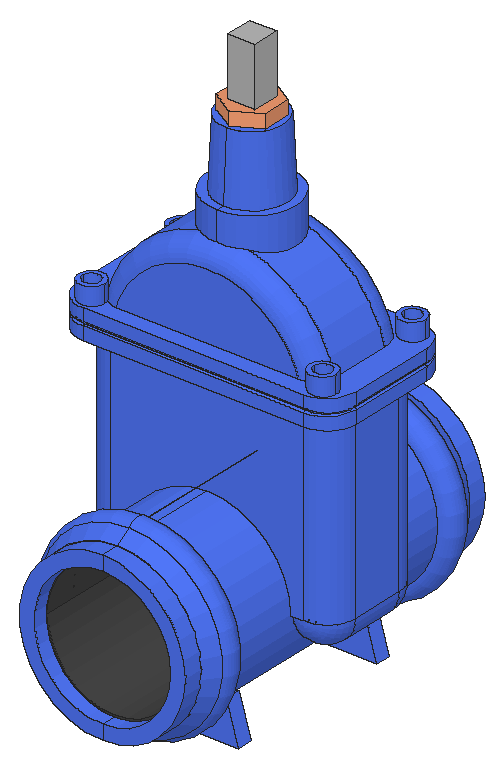
Revit family "01-82-001-DN50-100", category Pipe Accessories, Revit 2022
Family settings
  Round Connector Dimension = Use Diameter
  Part Type = Valve - Breaks Into
  Work Plane-Based = No
  Always vertical = No
  Cut with Voids When Loaded = No
  Shared = No
Parameters (values of type "DN075_PN16")
  W_actual = W / 2  # 86.5 mm
  W = size_lookup(Search_table, "W", 0 mm, DN)  # 173 mm
  Thickness = 9 mm  # constant formula
  Rib_dim2 = (W / 4.5) * 0.8  # 30.756 mm
  Rib_dim1 = W / 4.5  # 38.444 mm
  Location2 = L * 0.25  # 58 mm
  Location1 = L * 0.88  # 204.16 mm
  L = size_lookup(Search_table, "L", 0 mm, DN)  # 232 mm
  H3 = size_lookup(Search_table, "H3", 0 mm, DN)  # 359 mm
  H = size_lookup(Search_table, "H", 0 mm, DN)  # 68 mm
  Fillet = size_lookup(Search_table, "Fillet", 0 mm, DN)  # 18 mm
  F1 = size_lookup(Search_table, "F1", 0 mm, DN)  # 17 mm
  EPDM = Dd - 2 mm  # 83 mm
  DN100_PN16 = "01-110-82-0140099"
  DN = 75 mm
  Description_ = "AVK SOCKET END GATE VALVE, 16 BAR"
  Default Elevation = 0 mm
  Dd = size_lookup(Search_table, "Dd", 0 mm, DN)  # 85 mm
  DN075_PN16 = "01-085-82-0140099"
  DN050_PN16 = "01-060-82-0140099"
  Search_table = "01-82-001 DN50-100"
  URL product pages = "https://www.avkvalves.com/P.aspx?no=01060820140099"
  Bore = DN / 2  # 37.5 mm
  Bonnet_dim6 = Bonnet_dim5 * 0.9  # 19.544 mm
  Bonnet_dim5 = Bonnet_dim4 * 0.8  # 21.715 mm
  Bonnet_dim4 = Bonnet_dim1 * 0.6  # 27.144 mm
  Bonnet_dim3 = Bolt_T * 6  # 51 mm
  Bonnet_dim2 = Fillet / 2  # 9 mm
  Bonnet_dim1 = Body_dim2 * 1.3  # 45.24 mm
  Bonnet_W = W_actual * 0.83  # 71.795 mm
  Bonnet_FL_T = 0 mm
  Bonnet_Bolt2 = Fillet * 0.9  # 16.2 mm
  Bonnet_Bolt1 = Fillet * 0.6  # 10.8 mm
  Bonne_end = H3 * 0.9  # 323.1 mm
  Bolt_T = F1 / 2  # 8.5 mm
  Bolt = F1 * 0.9  # 15.3 mm
  Body_dim2 = L * 0.15  # 34.8 mm
  Body_dim1 = (W * 0.9) / 2  # 77.85 mm
  Body_H = H * 2.7  # 183.6 mm
  2 = 2 mm  # constant formula
Types (4, lengths in mm): name | W_actual | W | Rib_dim2 | Rib_dim1 | Location2 | Location1 | L | H3 | H | Fillet | F1 | EPDM | DN | Dd | Bore | Bonnet_dim6 | Bonnet_dim5 | Bonnet_dim4 | Bonnet_dim3 | Bonnet_dim2 | Bonnet_dim1 | Bonnet_W | Bonnet_Bolt2 | Bonnet_Bolt1 | Bonne_end | Bolt_T | Bolt | Body_dim2 | Body_dim1 | Body_H
  (no name) | 86.5 | 173 | 30.756 | 38.444 | 58 | 204.16 | 232 | 359 | 68 | 18 | 17 | 83 | 75 | 85 | 37.5 | 19.544 | 21.715 | 27.144 | 51 | 9 | 45.24 | 71.795 | 16.2 | 10.8 | 323.1 | 8.5 | 15.3 | 34.8 | 77.85 | 183.6
  DN050_PN16 | 67.5 | 135 | 24 | 30 | 50 | 176 | 200 | 271 | 52 | 15 | 14 | 58 | 50 | 60 | 25 | 16.848 | 18.72 | 23.4 | 42 | 7.5 | 39 | 56.025 | 13.5 | 9 | 243.9 | 7 | 12.6 | 30 | 60.75 | 140.4
  DN075_PN16 | 86.5 | 173 | 30.756 | 38.444 | 58 | 204.16 | 232 | 359 | 68 | 18 | 17 | 83 | 75 | 85 | 37.5 | 19.544 | 21.715 | 27.144 | 51 | 9 | 45.24 | 71.795 | 16.2 | 10.8 | 323.1 | 8.5 | 15.3 | 34.8 | 77.85 | 183.6
  DN100_PN16 | 96 | 192 | 34.133 | 42.667 | 62.5 | 220 | 250 | 394 | 80 | 20 | 19 | 108 | 100 | 110 | 50 | 21.06 | 23.4 | 29.25 | 57 | 10 | 48.75 | 79.68 | 18 | 12 | 354.6 | 9.5 | 17.1 | 37.5 | 86.4 | 216
Reference planes
  plane 1 "Center (Front/Back)": y = 0
  plane 2: z = 0
  plane 3 "Center (Left/Right)": x = 0
  plane 4: z = 42.5
  plane 5: z = -42.5
  plane 6: y = 116
  plane 7: y = -116
  plane 8: z = -68
  plane 9: y = -58
  plane 10: y = 58
  plane 11: z = 115.6
  plane 12: z = 124.6
  plane 13: z = 291
  plane 14: y = 8.5
  plane 15: y = -8.5
  plane 16: x = 8.5
  plane 17: x = -8.5
  plane 18: z = 255.1
  plane 19: y = 34.8
  plane 20: y = -34.8
  plane 21: y = 8.5
  plane 22: y = -8.5
  plane 23: x = -86.5
  plane 24: x = 86.5
  plane 25: through (0, 0, 1200) normal (-0.5, 0.866, 0)
  plane 26: through (0, 0, 1200) normal (-0.5, -0.866, 0)
Forms (mm)
  Revolve 1, solid, material "Plastic"
    sketch origin (0, 0, 0) x (0, 1, 0) y (0, 0, 1)
      loop
        line (116, 42.5) -> (116, 51.5) -> (-116, 51.5) -> (-116, 42.5) -> (116, 42.5)
      axis (116, 0) -> (-116, 0)
    angle from 0 to 360
  Revolve 2, solid, material "Plastic"
    sketch origin (0, 0, 0) x (0, 1, 0) y (0, 0, 1)
      loop
        arc (94.989, 57.36) -> (79.948, 55.182) -> (88.324, 42.5) r 9
        line (88.324, 42.5) -> (104.358, 42.5) -> (104.358, 51.5) -> (94.989, 57.36)
      loop
        line (-94.989, 57.36) -> (-104.358, 51.5) -> (-104.358, 42.5) -> (-88.324, 42.5)
        arc (-88.324, 42.5) -> (-79.948, 55.182) -> (-94.989, 57.36) r 9
      axis (104.358, 0) -> (-104.358, 0)
    angle from 0 to 360
  Extrusion 3, solid, material "Plastic"
    sketch origin (0, 0, 0) x (1, 0, 0) y (0, 0, 1)
      loop
        line (-38.444, -68) -> (38.444, -68) -> (30.756, -42.5) -> (-30.756, -42.5) -> (-38.444, -68)
    from 49 to 58
  Extrusion 4, solid, material "Plastic"
    sketch origin (0, 0, 0) x (1, 0, 0) y (0, 0, -1)
      loop
        line (-38.444, 68) -> (-30.756, 42.5) -> (30.756, 42.5) -> (38.444, 68) -> (-38.444, 68)
    from 49 to 58
  Extrusion 5, solid, material "Plastic"
    sketch origin (0, 0, 0) x (1, 0, 0) y (0, 1, 0)
      loop
        arc (-59.85, 34.8) -> (-72.578, 29.528) -> (-77.85, 16.8) r 18
        line (-77.85, 16.8) -> (-77.85, -16.8)
        arc (-77.85, -16.8) -> (-72.578, -29.528) -> (-59.85, -34.8) r 18
        line (-59.85, -34.8) -> (59.85, -34.8)
        arc (59.85, -34.8) -> (72.578, -29.528) -> (77.85, -16.8) r 18
        line (77.85, -16.8) -> (77.85, 16.8)
        arc (77.85, 16.8) -> (72.578, 29.528) -> (59.85, 34.8) r 18
        line (59.85, 34.8) -> (-59.85, 34.8)
    from 0 to 115.6
  Revolve 6, solid, material "Plastic"
    sketch origin (0, 0, 0) x (1, 0, 0) y (0, 1, 0)
      loop
        arc (77.85, 16.8) -> (72.578, 29.528) -> (59.85, 34.8) r 18
        line (59.85, 34.8) -> (59.85, -34.8)
        arc (59.85, -34.8) -> (72.578, -29.528) -> (77.85, -16.8) r 18
        line (77.85, -16.8) -> (77.85, 16.8)
      axis (59.85, 34.8) -> (59.85, -34.8)
    angle from 0 to 360
  Revolve 7, solid, material "Plastic"
    sketch origin (0, 0, 0) x (1, 0, 0) y (0, 1, 0)
      loop
        arc (-59.85, 34.8) -> (-72.578, 29.528) -> (-77.85, 16.8) r 18
        line (-77.85, 16.8) -> (-77.85, -16.8)
        arc (-77.85, -16.8) -> (-72.578, -29.528) -> (-59.85, -34.8) r 18
        line (-59.85, -34.8) -> (-59.85, 34.8)
      axis (-59.85, 34.8) -> (-59.85, -34.8)
    angle from 0 to 360
  Extrusion 8, solid, material "Plastic"
    sketch origin (-292.418, -1524, 115.6) x (-1, 0, 0) y (0, -1, 0)
      loop
        arc (-223.918, -1569.24) -> (-211.19, -1563.968) -> (-205.918, -1551.24) r 18
        line (-205.918, -1551.24) -> (-205.918, -1496.76)
        arc (-205.918, -1496.76) -> (-211.19, -1484.032) -> (-223.918, -1478.76) r 18
        line (-223.918, -1478.76) -> (-360.918, -1478.76)
        arc (-360.918, -1478.76) -> (-373.646, -1484.032) -> (-378.918, -1496.76) r 18
        line (-378.918, -1496.76) -> (-378.918, -1551.24)
        arc (-378.918, -1551.24) -> (-373.646, -1563.968) -> (-360.918, -1569.24) r 18
        line (-360.918, -1569.24) -> (-223.918, -1569.24)
    from 0 to 18
  Sweep 9, void
    path in 3D
      loop
        arc (68.5, -45.24, 133.6) -> (81.228, -39.968, 133.6) -> (86.5, -27.24, 133.6) r 18
        line (86.5, -27.24, 133.6) -> (86.5, 27.24, 133.6)
        arc (86.5, 27.24, 133.6) -> (81.228, 39.968, 133.6) -> (68.5, 45.24, 133.6) r 18
        line (68.5, 45.24, 133.6) -> (-68.5, 45.24, 133.6)
        arc (-68.5, 45.24, 133.6) -> (-81.228, 39.968, 133.6) -> (-86.5, 27.24, 133.6) r 18
        line (-86.5, 27.24, 133.6) -> (-86.5, -27.24, 133.6)
        arc (-86.5, -27.24, 133.6) -> (-81.228, -39.968, 133.6) -> (-68.5, -45.24, 133.6) r 18
        line (-68.5, -45.24, 133.6) -> (68.5, -45.24, 133.6)
    profile origin (0, -45.24, 133.6) x (0, 1, 0) y (0, 0, 1)
      loop
        circle (0, -9) r 1
  Extrusion 10, solid, material "Default Wall"
    sketch origin (-135.149, -1524, 291) x (-1, 0, 0) y (0, -1, 0)
      loop
        line (-126.649, -1532.5) -> (-126.649, -1515.5) -> (-143.649, -1515.5) -> (-143.649, -1532.5) -> (-126.649, -1532.5)
    from 0 to -175.4
  Revolve 11, solid, material "Plastic"
    sketch origin (-292.418, -1524, 115.6) x (-1, 0, 0) y (0, -1, 0)
      loop
        line (-292.418, -1558.8) -> (-292.418, -1489.2) -> (-351.713, -1489.2)
        arc (-351.713, -1489.2) -> (-360.552, -1492.861) -> (-364.213, -1501.7) r 12.5
        line (-364.213, -1501.7) -> (-364.213, -1540.153)
        arc (-364.213, -1540.153) -> (-358.751, -1553.338) -> (-345.566, -1558.8) r 18.647
        line (-345.566, -1558.8) -> (-292.418, -1558.8)
      axis (-292.418, -1558.8) -> (-292.418, -1489.2)
    angle from 360 to 180
  Revolve 12, solid, material "Plastic"
    sketch origin (0, 0, 0) x (0, 1, 0) y (0, 0, 1)
      loop
        line (0, 246.6) -> (-19.544, 246.6) -> (-21.715, 204.1) -> (-27.144, 204.1) -> (-27.144, 124.6) -> (0, 124.6) -> (0, 246.6)
      axis (0, 246.6) -> (0, 124.6)
    angle from 0 to 360
  Extrusion 13, solid, material "Poche"
    sketch origin (-292.418, -1524, 115.6) x (-1, 0, 0) y (0, -1, 0)
      loop
        line (-292.418, -1541.667) -> (-277.118, -1532.833) -> (-277.118, -1515.167) -> (-292.418, -1506.333) -> (-307.718, -1515.167) -> (-307.718, -1532.833) -> (-292.418, -1541.667)
    from 131 to 139.5
  Extrusion 14, solid, material "Plastic"
    sketch origin (-292.418, -1524, 115.6) x (-1, 0, 0) y (0, -1, 0)
      loop
        circle (-220.623, -1558.8) r 5.4
      loop
        circle (-220.623, -1558.8) r 8.1
      loop
        circle (-220.623, -1489.2) r 5.4
      loop
        circle (-220.623, -1489.2) r 8.1
      loop
        circle (-364.213, -1558.8) r 5.4
      loop
        circle (-364.213, -1558.8) r 8.1
      loop
        circle (-364.213, -1489.2) r 5.4
      loop
        circle (-364.213, -1489.2) r 8.1
    from 0 to 28.544
  Extrusion 15, solid, material "Aluminum 1100-O"
    sketch origin (0, 0, 0) x (1, 0, 0) y (0, 0, 1)
      loop
        circle (0, 0) r 41.5
      loop
        circle (0, 0) r 42.5
    from -107 to 107
  Extrusion 16, void
    sketch origin (0, 0, 0) x (-1, 0, 0) y (0, 0, 1)
      loop
        circle (0, 0) r 41.5
    from 0 to 250
  Extrusion 17, void
    sketch origin (0, 0, 0) x (-1, 0, 0) y (0, 0, 1)
      loop
        circle (0, 0) r 41.5
    from -504.037 to 725.884
  Extrusion 18, solid, material "Aluminum 1100-O"
    sketch origin (0, 0, 0) x (1, 0, 0) y (0, 0, 1)
      loop
        circle (0, 0) r 41.5
    from -34.8 to 34.8
Cuts and joins
  Sweep 9 cuts Extrusion 8
  Extrusion 16, Extrusion 17 cuts Extrusion 5
  Extrusion 16, Extrusion 17 cuts Extrusion 15
Lines and regions (mm)
  sketch lines
    curve 1: line (-68.5, -45.24, 133.6) -> (68.5, -45.24, 133.6)
    curve 2: arc (86.5, -27.24, 133.6) -> (81.228, -39.968, 133.6) -> (68.5, -45.24, 133.6) r 18
    curve 3: line (86.5, -27.24, 133.6) -> (86.5, 27.24, 133.6)
    curve 4: arc (68.5, 45.24, 133.6) -> (81.228, 39.968, 133.6) -> (86.5, 27.24, 133.6) r 18
    curve 5: line (68.5, 45.24, 133.6) -> (-68.5, 45.24, 133.6)
    curve 6: arc (-86.5, 27.24, 133.6) -> (-81.228, 39.968, 133.6) -> (-68.5, 45.24, 133.6) r 18
    curve 7: line (-86.5, 27.24, 133.6) -> (-86.5, -27.24, 133.6)
    curve 8: arc (-68.5, -45.24, 133.6) -> (-81.228, -39.968, 133.6) -> (-86.5, -27.24, 133.6) r 18
Dimensions and locks
  equal spacing: plane 6, plane 1 "Center (Front/Back)", plane 7
  equal spacing: plane 4, level, plane 5
  "L": plane 6 to plane 7
  "Dd": plane 4 to plane 5
  equal spacing: Revolve 1 sketch curve, plane 1 "Center (Front/Back)", Revolve 1 sketch curve
  "Thickness": Revolve 1 sketch curve to plane 4
  "Thickness": Revolve 2 sketch curve to plane 4  (x2)
  "Location1": Revolve 2 sketch curve to plane 7
  "Location1": plane 6 to Revolve 2 sketch curve
  "H": level to plane 8
  "Location2": plane 1 "Center (Front/Back)" to plane 9
  "Thickness": Extrusion 3 to plane 9
  "Location2": plane 10 to plane 1 "Center (Front/Back)"
  "Thickness": plane 10 to Extrusion 4
  "Rib_dim1": plane 3 "Center (Left/Right)" to Extrusion 3 sketch curve
  equal spacing: Extrusion 3 sketch curve, plane 3 "Center (Left/Right)", Extrusion 3 sketch curve  (x2)
  "Rib_dim2": plane 3 "Center (Left/Right)" to Extrusion 3 sketch curve
  equal spacing: Extrusion 4 sketch curve, plane 3 "Center (Left/Right)", Extrusion 4 sketch curve  (x2)
  "Rib_dim1": plane 3 "Center (Left/Right)" to Extrusion 4 sketch curve
  "Rib_dim2": Extrusion 4 sketch curve to plane 3 "Center (Left/Right)"
  equal spacing: Extrusion 5 sketch curve, plane 1 "Center (Front/Back)", Extrusion 5 sketch curve
  equal spacing: Extrusion 5 sketch curve, plane 3 "Center (Left/Right)", Extrusion 5 sketch curve
  "Body_dim1": Extrusion 5 sketch curve to plane 3 "Center (Left/Right)"
  "Body_dim2": plane 1 "Center (Front/Back)" to Extrusion 5 sketch curve
  "Body_H": plane 11 to plane 8
  equal spacing: Extrusion 8 sketch curve, plane 1 "Center (Front/Back)", Extrusion 8 sketch curve
  equal spacing: Extrusion 8 sketch curve, plane 3 "Center (Left/Right)", Extrusion 8 sketch curve
  "W_actual": Extrusion 8 sketch curve to plane 3 "Center (Left/Right)"
  "Bonnet_dim1": plane 1 "Center (Front/Back)" to Extrusion 8 sketch curve
  "Fillet": Extrusion 8 to plane 11
  "Bonnet_dim2": plane 12 to plane 11
  equal spacing: profile plane, Sweep 9 sketch curve, plane 11
  "H3": plane 13 to plane 8
  equal spacing: Extrusion 10 sketch curve, plane 3 "Center (Left/Right)", Extrusion 10 sketch curve
  equal spacing: Extrusion 10 sketch curve, plane 1 "Center (Front/Back)", Extrusion 10 sketch curve
  equal spacing: plane 17, plane 3 "Center (Left/Right)", plane 16
  equal spacing: plane 15, plane 1 "Center (Front/Back)", plane 14
  "F1": plane 17 to plane 16
  "F1": plane 14 to plane 15
  equal spacing: Extrusion 5, plane 1 "Center (Front/Back)", Extrusion 5
  "Bonnet_W": plane 3 "Center (Left/Right)" to Revolve 11 sketch curve
  "Bonne_end": plane 18 to plane 8
  "Bolt_T": plane 18 to Revolve 12 sketch curve
  "Bonnet_dim3": plane 18 to Revolve 12 sketch curve
  "Bonnet_dim4": plane 1 "Center (Front/Back)" to Revolve 12 sketch curve
  "Bonnet_dim5": plane 1 "Center (Front/Back)" to Revolve 12 sketch curve
  "Bonnet_dim6": plane 1 "Center (Front/Back)" to Revolve 12 sketch curve
  "Bolt_T": plane 18 to Extrusion 13
  "Bonnet_W": Extrusion 14 sketch curve to plane 3 "Center (Left/Right)"  (x3)
  "Body_dim2": plane 1 "Center (Front/Back)" to Extrusion 14 sketch curve  (x2)
  "Bonnet_dim6": Extrusion 14 to plane 12
  equal spacing: Extrusion 14 sketch curve, plane 1 "Center (Front/Back)", Extrusion 14 sketch curve  (x3)
  equal spacing: Extrusion 14 sketch curve, plane 3 "Center (Left/Right)", Extrusion 14 sketch curve  (x2)
  "Bonnet_W": plane 3 "Center (Left/Right)" to Extrusion 14 sketch curve  (x3)
  equal spacing: plane 19, plane 1 "Center (Front/Back)", plane 20
  "Body_dim2": plane 19 to plane 1 "Center (Front/Back)"
  equal spacing: Extrusion 15 sketch curve, plane 3 "Center (Left/Right)", Extrusion 15 sketch curve  (x2)
  equal spacing: Extrusion 15 sketch curve, level, Extrusion 15 sketch curve  (x2)
  equal spacing: Extrusion 15, plane 1 "Center (Front/Back)", Extrusion 15
  "Thickness": plane 6 to Extrusion 15
  equal spacing: Extrusion 17 sketch curve, level, Extrusion 17 sketch curve
  equal spacing: Extrusion 17 sketch curve, plane 3 "Center (Left/Right)", Extrusion 17 sketch curve
  equal spacing: Extrusion 18 sketch curve, level, Extrusion 18 sketch curve
  equal spacing: Extrusion 18 sketch curve, plane 3 "Center (Left/Right)", Extrusion 18 sketch curve
  plane 4 to plane 5 = 85 mm  (x2)
  plane 6 to plane 7 = 232 mm
  plane 13 to plane 8 = 359 mm
  equal spacing: plane 21, plane 1 "Center (Front/Back)", plane 22
  "F1": plane 21 to plane 22
  equal spacing: plane 24, plane 3 "Center (Left/Right)", plane 23
  "W": plane 24 to plane 23
  equal spacing: Extrusion 13 sketch curve, plane 25, Extrusion 13 sketch curve
  equal spacing: Extrusion 13 sketch curve, plane 26, Extrusion 13 sketch curve
  equal spacing: Extrusion 13 sketch curve, plane 3 "Center (Left/Right)", Extrusion 13 sketch curve
  "Bolt": Extrusion 13 sketch curve to plane 3 "Center (Left/Right)"
  "Bolt": plane 26 to Extrusion 13 sketch curve
  "Bolt": plane 25 to Extrusion 13 sketch curve
  "Body_dim2": Extrusion 14 sketch curve to plane 1 "Center (Front/Back)"  (x2)
  "Thickness": radius of Revolve 2 sketch curve  (x2)
  "Fillet": radius of Extrusion 5 sketch curve  (x4)
  "Fillet": radius of Extrusion 8 sketch curve  (x4)
  "2": diameter of Sweep 9 sketch curve
  "Bonnet_Bolt1": diameter of Extrusion 14 sketch curve  (x4)
  "Bonnet_Bolt2": diameter of Extrusion 14 sketch curve  (x4)
  "EPDM": diameter of Extrusion 15 sketch curve
  "Dd": diameter of Extrusion 15 sketch curve
  "EPDM": diameter of Extrusion 17 sketch curve
  "EPDM": diameter of Extrusion 18 sketch curve
  angle plane 26 to plane 1 "Center (Front/Back)" = 30.00°
  angle plane 1 "Center (Front/Back)" to plane 25 = 30.00°
  aligned and locked: level to plane 2
  aligned and locked: Revolve 1 sketch curve to plane 4
  aligned and locked: Revolve 1 sketch curve to plane 6
  aligned and locked: level to Revolve 1 sketch curve
  aligned and locked: Revolve 2 sketch curve to plane 4
  aligned and locked: Revolve 2 sketch curve to level
  aligned and locked: plane 4 to Revolve 2 sketch curve
  aligned and locked: Extrusion 3 sketch curve to plane 5
  aligned and locked: Extrusion 3 sketch curve to plane 8
  aligned and locked: plane 9 to Extrusion 3
  aligned and locked: Extrusion 4 to plane 8
  aligned and locked: plane 5 to Extrusion 4
  aligned and locked: Extrusion 4 sketch curve to plane 8
  aligned and locked: Extrusion 4 sketch curve to plane 5
  aligned and locked: plane 10 to Extrusion 4
  aligned and locked: Extrusion 5 to level
  aligned and locked: plane 11 to Extrusion 5
  aligned and locked: Revolve 6 sketch curve to Extrusion 5  (x2)
  aligned and locked: Revolve 6 sketch curve to Revolve 6 sketch curve
  aligned and locked: Revolve 7 sketch curve to Extrusion 5  (x2)
  aligned and locked: Revolve 7 sketch curve to Revolve 7 sketch curve
  aligned and locked: Extrusion 8 to plane 11
  aligned and locked: plane 17 to Extrusion 10 sketch curve
  aligned and locked: plane 15 to Extrusion 10 sketch curve
  aligned and locked: Extrusion 10 to plane 11
  aligned and locked: plane 13 to Extrusion 10
  aligned and locked: Extrusion 5 to Revolve 11 sketch curve  (x2)
  aligned and locked: Revolve 11 sketch curve to plane 3 "Center (Left/Right)"  (x2)
  aligned and locked: Revolve 11 to plane 11
  aligned and locked: plane 11 to Revolve 11
  aligned and locked: plane 12 to Revolve 12 sketch curve
  aligned and locked: plane 1 "Center (Front/Back)" to Revolve 12 sketch curve
  aligned and locked: Revolve 12 sketch curve to plane 1 "Center (Front/Back)"
  aligned and locked: plane 18 to Extrusion 13
  aligned and locked: Extrusion 14 to plane 11
  aligned and locked: Extrusion 16 sketch curve to Extrusion 15  (x2)
  aligned and locked: Revolve 11 to Extrusion 18
  aligned and locked: Extrusion 18 to Revolve 11
  aligned and locked: plane 1 "Center (Front/Back)" to nested 1
Automatic sketch dimensions
  Revolve 6 sketch curve to Revolve 6 sketch curve = 7.5 mm
  Revolve 6 sketch curve to Revolve 6 sketch curve = 2.5 mm
  Revolve 7 sketch curve to Revolve 7 sketch curve = 3.736 mm  (x2)
  Sweep 9 sketch curve to profile plane = 0 mm
  Revolve 1 sketch curve to plane 7 = 22.5 mm
  Revolve 1 sketch curve to plane 6 = 19.461 mm
  Revolve 2 sketch curve to Revolve 2 sketch curve = 0.164 mm  (x2)
  plane 4 to Revolve 2 sketch curve = 14.86 mm  (x2)
  Revolve 2 sketch curve to plane 7 = 11.642 mm
  Revolve 2 sketch curve to plane 6 = 11.642 mm
  plane 7 to Revolve 2 sketch curve = 4.982 mm
  plane 6 to Revolve 2 sketch curve = 4.097 mm
  Revolve 11 sketch curve to Revolve 11 sketch curve = 12.5 mm
  Revolve 11 sketch curve to Revolve 11 sketch curve = 18.647 mm
  plane 19 to Revolve 11 sketch curve = 0.073 mm
  Revolve 11 sketch curve to Revolve 11 sketch curve = 4.073 mm
  Revolve 12 sketch curve to Revolve 12 sketch curve = 5.743 mm
  Revolve 12 sketch curve to Revolve 12 sketch curve = 6.095 mm
  Extrusion 14 sketch curve to Extrusion 14 sketch curve = 0 mm
Nested families
  nested 1: "logo small-1" at (-77.85, 0, 73.4) x (0, -1, 0) z (-1, 0, 0), type "logo small-1"
Connectors
  piping at (0, 116, 0), diameter 75, driven by "DN"
    settings: on Revolve 1, index 1, connector inside diameter 609.6 mm, connector length 0 mm, flow factor 0, pipe flow 0.0 L/s, pressure drop 0.0 Pa, fitting loss kfactor 0, connector angle 0.00°, fixture units 0, engagement length 0 mm, angle of deflection 0.00°, flow configuration 0, flow direction 0, fitting loss method 0, system type 7, joint type 0, gender type 0, connector reference index -1, connector utility 0, adjustable connector no, is connector primary yes, connector description ""
  piping at (0, -116, 0), diameter 75, driven by "DN"
    settings: on Revolve 1, index 2, connector inside diameter 609.6 mm, connector length 0 mm, flow factor 0, pipe flow 0.0 L/s, pressure drop 0.0 Pa, fitting loss kfactor 0, connector angle 0.00°, fixture units 0, engagement length 0 mm, angle of deflection 0.00°, flow configuration 0, flow direction 0, fitting loss method 0, system type 7, joint type 0, gender type 0, connector reference index -1, connector utility 0, adjustable connector no, is connector primary no, connector description ""
Definition of nested family "logo small-1"
  Parameters
    Default Elevation = 1219.2 mm
  Reference planes
    plane 1 "Center (Front/Back)": y = 0
    plane 2: z = 0
    plane 3 "Center (Left/Right)": x = 0
  Forms (mm)
    Extrusion 1, solid
      sketch origin (0, 0, 0) x (1, 0, 0) y (0, 1, 0)
        loop
          line (-26.697, 30) -> (-26.697, -20.859) -> (26.519, -20.859) -> (26.519, 30) -> (-26.697, 30)
      from 0 to -304.8
    Extrusion 2, solid
      sketch origin (0, 0, 0) x (1, 0, 0) y (0, 1, 0)
        loop
          line (-20.607, 8.379) -> (-20.607, 4.302) -> (-16.724, 4.302) -> (-20.607, -5.729) -> (-16.724, -5.729) -> (-15.818, -3.389) -> (-9.104, -3.389) -> (-8.117, -5.729) -> (-3.91, -5.729) -> (-9.864, 8.379) -> (-20.607, 8.379)
        loop
          line (-12.518, 5.079) -> (-14.33, 0) -> (-10.641, 0) -> (-12.518, 5.079)
        loop
          line (-8.635, 9.738) -> (-2.292, -5.729) -> (2.173, -5.729) -> (8.451, 9.738) -> (20.488, 9.738) -> (20.488, 13.686) -> (5.312, 13.686) -> (0, 0) -> (-5.463, 13.686) -> (-20.607, 13.686) -> (-20.607, 9.738) -> (-8.635, 9.738)
        loop
          line (20.488, 4.302) -> (20.488, 8.379) -> (16.605, 8.379)
          arc (16.605, 8.379) -> (15.328, 4.717) -> (11.816, 3.072) r 4.995
          line (11.816, 3.072) -> (13.952, 8.379) -> (9.68, 8.379) -> (3.921, -5.729) -> (8.29, -5.729) -> (10.518, -0.27) -> (14.236, -5.729) -> (19.616, -5.729) -> (14.879, 0.432)
          arc (14.879, 0.432) -> (17.563, 1.981) -> (19.616, 4.302) r 9.637
          line (19.616, 4.302) -> (20.488, 4.302)
      from 0 to 2
  Dimensions and locks
    aligned and locked: plane 2 to Extrusion 1
    aligned and locked: level to Extrusion 1
    aligned and locked: Extrusion 2 sketch curve to import instance  (x36)
    aligned and locked: plane 1 "Center (Front/Back)" to Extrusion 2 sketch curve
